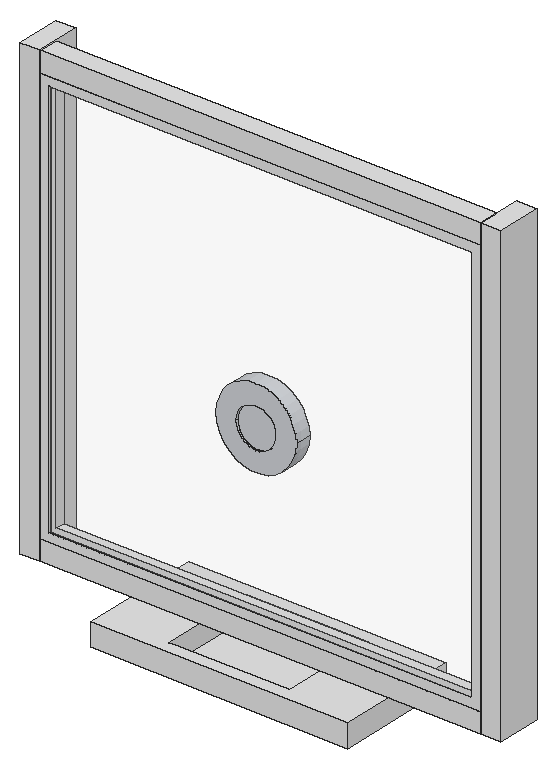
Revit family "Window_Fixed_Flush_Ready-Access_603-WalkUp", category Windows, host Wall, Revit 2026
Family settings
  Host = Wall
  Classification Number = 23.30.20.24.21
  Always vertical = Yes
  Cut with Voids When Loaded = No
  Shared = No
  Room Calculation Point = No
Parameters (values of type "48x48 Level 3 Bullet")
  Water Penetration = "as Specified"
  Warranty Duration (Years) = 0
  VLT [instance] = 0
  URL = "http://www.ready-access.com/"
  U-Factor [instance] = 0
  Test Data = ""
  Standards Conformance = "as Specified"
  SpecWizard = ""
  Service Opening Width = 0' - 0"
  Service Opening Height = 0' - 0"
  RO Spacing_Top [instance] = 0' - 0 1/4"
  RO Spacing_Sides [instance] = 0' - 0 1/4"
  RO Spacing_Bottom [instance] = 0' - 0 1/4"
  Offset from Exterior Wall [instance] = 0' - 0"
  Miami Dade Conformance = "as Specified"
  Meets Egress = "as Specified"
  Installation-Fabrication = ""
  Structural Test Pressure = "as Specified"
  Specification = "http://www.arcat.com/sdspecs/htm04/08_56_19rea.htm"
  Sound Transmission Class (STC) = 0
  Send Message = "http://www.arcat.com/users.pl?action=UserEmail&amp;company=Ready+Access+Pass+Thru+Windows&amp;coid=35105&amp;rep=111&amp;fax=630-876-7767&amp;mf=04"
  Sales Information = "http://www.ready-access.com/aboutus.html"
  SHGC [instance] = 0
  Rough Width [instance] = Width + (RO Spacing_Sides * 2)  # 4' - 0 1/2"
  Rough Height [instance] = Height + (RO Spacing_Top + RO Spacing_Bottom)  # 4' - 0 1/2"
  Product Properties = ""
  Product Data = "http://www.arcat.com/arcatcos/cos35/arc35105.html"
  Model = "603 WALK UP 48"
  Manufacturer Website = "http://www.ready-access.com/"
  Manufacturer Phone - Toll Free = "800-621-5045"
  Manufacturer Phone = "630-876-7766"
  Manufacturer Fax = "630-876-7767"
  Manufacturer Address = "1815 Arthur Dr.   West Chicago, IL 60185"
  Manufacturer = "Ready Access"
  Maintenance Schedule (Months) = 0
  Keynote = "08582"
  Installation Phase = ""
  Inset from Exterior Wall [instance] = 0' - 0"
  Height = 4' - 0"
  Green Building-LEED = ""
  Glazing Type [instance] = "Level 3 Bullet Resistant Lexan"
  Glazing Tint [instance] = Glass - ReadyAccess - Clear
  Glazing Configuration [instance] = "as Specified"
  Frame Thickness = 0' - 4 1/2"  # constant formula
  Frame Finish [instance] = Powdercoat - Ready Access - Clear Anodized
  Forced Entry Rating = "as Specified"
  Shelf Width = 4' - 0"
  Expected Lifespan (Years) = 0
  Drawn By = "Sumex Design, Inc. / Robert S. Weygant, CSI, CDT, SCIP"
  Description = "Ready Access Fixed Secure Transaction Window - 603 Walk Up as Specified"
  Wall Closure = By host
  Width = 4' - 0"
  Copyright = "©Arcat Inc."
  Construction Details = "http://www.arcat.com/details/readyacc/prod1868.html"
  Assembly Code = "B2020100"
  Air Infiltration = "as Specified"
Types (9): name | Rough Width | Rough Height | Model | Height | Glazing Type | Shelf Width | Width
  48x48 Level 3 Bullet | 4' - 0 1/2" | 4' - 0 1/2" | "603 WALK UP 48" | 4' - 0" | "Level 3 Bullet Resistant Lexan" | 4' - 0" | 4' - 0"
  36x36 Level 3 Bullet | 3' - 0 1/2" | 3' - 0 1/2" | "603 WALK UP 36" | 3' - 0" | "Level 3 Bullet Resistant Lexan" | 3' - 0" | 3' - 0"
  25.75x42 Level 3 Bullet | 2' - 2 1/4" | 3' - 6 1/2" | "603 WALK UP 42" | 3' - 6" | "Level 3 Bullet Resistant Lexan" | 2' - 1 3/4" | 2' - 1 3/4"
  48x48 Level 1 Bullet | 4' - 0 1/2" | 4' - 0 1/2" | "603 WALK UP 48" | 4' - 0" | "Level 1 Bullet Resistant Lexan" | 4' - 0" | 4' - 0"
  36x36 Level 1 Bullet | 3' - 0 1/2" | 3' - 0 1/2" | "603 WALK UP 36" | 3' - 0" | "Level 1 Bullet Resistant Lexan" | 3' - 0" | 3' - 0"
  25.75x42 Level 1 Bullet | 2' - 2 1/4" | 3' - 6 1/2" | "603 WALK UP 42" | 3' - 6" | "Level 1 Bullet Resistant Lexan" | 2' - 1 3/4" | 2' - 1 3/4"
  48x48 Impact Resistant | 4' - 0 1/2" | 4' - 0 1/2" | "603 WALK UP 48" | 4' - 0" | "Impact Lexan" | 4' - 0" | 4' - 0"
  36x36 Impact Resistant | 3' - 0 1/2" | 3' - 0 1/2" | "603 WALK UP 36" | 3' - 0" | "Impact Lexan" | 3' - 0" | 3' - 0"
  25.75x42 Impact Resistant | 2' - 2 1/4" | 3' - 6 1/2" | "603 WALK UP 42" | 3' - 6" | "Impact Lexan" | 2' - 1 3/4" | 2' - 1 3/4"
Reference planes (in)
  plane 1 "Center (Front/Back)": y = 0.6426
  plane 2: z = 0
  plane 3 "Center (Left/Right)": x = 0.75
  plane 4 "Left": x = -23.5
  plane 5 "Right": x = 25
  plane 6 "RO BOTTOM": z = 23.875
  plane 7 "Top of Frame": z = 72.125
  plane 8 "Center - Elevation": z = 48
  plane 9 "Frame L": x = 24.75
  plane 10 "Frame R": x = -23.25
  plane 11: z = 24.125
  plane 12 "EXT WALL": y = 3.6426
  plane 13 "RO TOP": z = 72.375
  plane 14 "INT WALL": y = -2.3574
  plane 15: y = 3.6426
  plane 16: y = 3.6426
  plane 17: x = -23.25
  plane 18: x = 24.75
Forms (in)
  Extrusion 1, void
    sketch origin (0, 0.6426, 0) x (1, 0, 0) y (0, 0, 1)
      loop
        line (-23.5, 72.375) -> (-23.5, 26.375) -> (25, 26.375) -> (25, 72.375) -> (-23.5, 72.375)
    from -3 to 3
  Extrusion 2, void
    sketch origin (0, 0.6426, 0) x (1, 0, 0) y (0, 0, 1)
      loop
        line (-23.5, 26.375) -> (-23.5, 23.875) -> (25, 23.875) -> (25, 26.375) -> (-23.5, 26.375)
    from -3 to 3
Text (in)
  text "EXTERIOR" at (-9.91918, 45.39257, 0), in view "Plan View"
  text "INTERIOR" at (-9.91918, -57.25054, 0), in view "Plan View"
  text "Exterior" at (0, 43.65631, 123.19604), in view "Left"
  text "Exterior" at (0, 18.29385, 125.04747), in view "Right"
Dimensions and locks (in)
  equal spacing: plane 4 "Left", plane 3 "Center (Left/Right)", plane 5 "Right"
  "Width": plane 10 "Frame R" to plane 9 "Frame L"
  equal spacing: plane 7 "Top of Frame", plane 8 "Center - Elevation", plane 6 "RO BOTTOM"
  "RO Spacing_Sides": plane 5 "Right" to plane 9 "Frame L"
  "RO Spacing_Sides": plane 4 "Left" to plane 10 "Frame R"
  "RO Spacing_Top": plane 7 "Top of Frame" to plane 13 "RO TOP"
  "RO Spacing_Bottom": plane 6 "RO BOTTOM" to plane 11
  "Height": plane 11 to plane 7 "Top of Frame"
  "Offset from Exterior Wall": plane 12 "EXT WALL" to plane 15
  "Inset from Exterior Wall": plane 15 to plane 16
  equal spacing: plane 17, plane 3 "Center (Left/Right)", plane 18
  "Shelf Width": plane 17 to plane 18
  locked: Extrusion 1 sketch curve to plane 11 at 2.25
  "RO Spacing_Sides": plane 17 to Extrusion 2 sketch curve
  "RO Spacing_Sides": Extrusion 2 sketch curve to plane 18
  locked: Extrusion 2 sketch curve to plane 11 at 2.25
  aligned and locked: level to plane 2
  aligned and locked: plane 1 "Center (Front/Back)" to host wall
  aligned and locked: plane 12 "EXT WALL" to host wall
  aligned and locked: plane 14 "INT WALL" to host wall
  aligned: nested 1 to plane 16
  aligned and locked: nested 1 to plane 11
  aligned and locked: plane 5 "Right" to Extrusion 1 sketch curve
  aligned and locked: Extrusion 1 sketch curve to plane 13 "RO TOP"
  aligned and locked: Extrusion 1 sketch curve to plane 4 "Left"
  aligned and locked: Extrusion 1 to plane 12 "EXT WALL"
  aligned and locked: plane 14 "INT WALL" to Extrusion 1
  aligned and locked: Extrusion 2 sketch curve to plane 6 "RO BOTTOM"
  aligned and locked: Extrusion 2 to plane 12 "EXT WALL"
  aligned and locked: plane 14 "INT WALL" to Extrusion 2
Nested families (in)
  nested 1: "Frame_603WU" at (0.75, 1.6426, 24.125), Width <- "Width", Height <- "Height", glass tint <- "Glazing Tint", frame finish <- "Frame Finish", type "Frame_603WU"
    with glass tint Glass - ReadyAccess - Clear, frame finish Powdercoat - Ready Access - Clear Anodized, Width 4' - 0", Shelf Width 2' - 1 3/4", Height 4' - 0"
Definition of nested family "Frame_603WU"
  Parameters
    glass tint [instance] = none
    frame finish [instance] = none
    Width [instance] = 3' - 0"
    Height [instance] = 3' - 0"
    Shelf Width [instance] = 2' - 1 3/4"
    Default Elevation = 4' - 0"
  Reference planes (in)
    plane 1 "Center (Front/Back)": y = 0
    plane 2: z = 0
    plane 3 "Center (Left/Right)": x = 0
    plane 4: x = -18
    plane 5: x = 18
    plane 6: z = 36
    plane 7: x = -12.875
    plane 8: x = 12.875
    plane 9: z = 33.625
    plane 10: x = -16
    plane 11: x = 16
    plane 12: z = 22.125
  Forms (in)
    Extrusion 1, solid, material <- "frame finish"
      sketch origin (0, 0, 0) x (1, 0, 0) y (0, 1, 0)
        loop
          line (-18, -1) -> (-16, -1) -> (-16, 3.5) -> (-18, 3.5) -> (-18, -1)
        loop
          line (18, -1) -> (18, 3.5) -> (16, 3.5) -> (16, -1) -> (18, -1)
      from 2.25 to 36
    Extrusion 2, solid, material <- "frame finish"
      sketch origin (0, 0, 0) x (1, 0, 0) y (0, 1, 0)
        loop
          line (-12.875, -6.125) -> (-6, -6.125) -> (-6, 6.125) -> (-12.875, 6.125) -> (-12.875, -6.125)
        loop
          line (12.875, -6.125) -> (12.875, 6.125) -> (6, 6.125) -> (6, -6.125) -> (12.875, -6.125)
      from 0 to 2.25
    Extrusion 3, solid, material <- "frame finish"
      sketch origin (0, 0, 0) x (0, 1, 0) y (0, 0, 1)
        loop
          line (-6.125, 2.25) -> (-6.125, 0) -> (6.125, 0) -> (6.125, 2.25) -> (4.875, 2.25)
          arc (4.875, 2.25) -> (4.28921, 0.83579) -> (2.875, 0.25) r 2
          line (2.875, 0.25) -> (-2.875, 0.25)
          arc (-2.875, 0.25) -> (-4.28921, 0.83579) -> (-4.875, 2.25) r 2
          line (-4.875, 2.25) -> (-6.125, 2.25)
      from -6 to 6
    Extrusion 4, solid, material <- "frame finish"
      sketch origin (0, 0, 0) x (1, 0, 0) y (0, 0, 1)
        loop
          line (-16, 2.25) -> (16, 2.25) -> (16, 4.25) -> (-16, 4.25) -> (-16, 2.25)
        loop
          line (-16, 34) -> (16, 34) -> (16, 36) -> (-16, 36) -> (-16, 34)
      from -1 to 1
    Sweep 5, solid, material <- "frame finish"
      path origin (0, 0, 0) x (1, 0, 0) y (0, 0, 1)
        loop
          line (-16, 34) -> (-16, 4.25) -> (16, 4.25) -> (16, 34) -> (-16, 34)
      profile origin (-16, 0, 19.125) x (0, -1, 0) y (1, 0, 0)
        loop
          line (-0.875, 0.875) -> (-0.875, 0) -> (1, 0) -> (1, 0.875) -> (0.875, 0.875) -> (0.875, 0.375) -> (0.125, 0.375) -> (0.125, 0.875) -> (-0.875, 0.875)
    Extrusion 6, solid, material <- "glass tint"
      sketch origin (0, 0, 0) x (1, 0, 0) y (0, 1, 0)
        loop
          line (-15.625, -0.125) -> (-15.625, -0.875) -> (15.625, -0.875) -> (15.625, -0.125) -> (-15.625, -0.125)
      from 4.625 to 33.625
    Extrusion 7, solid
      sketch origin (0, 0, 0) x (1, 0, 0) y (0, 0, 1)
        loop
          circle (0, 22.125) r 2
      from -0.25 to 1.33094
    Extrusion 8, solid
      sketch origin (0, 0, 0) x (1, 0, 0) y (0, 0, 1)
        loop
          circle (0, 22.125) r 2
        loop
          circle (0, 22.125) r 4
      from -0.125 to 1.5
  Cuts and joins
    joined: Extrusion 2, Extrusion 3
  Dimensions and locks (in)
    equal spacing: plane 4, plane 3 "Center (Left/Right)", plane 5
    "Width": plane 4 to plane 5
    "Height": plane 6 to level
    plane 6 to plane 9 = 0' - 2 3/8"
    locked: plane 4 to plane 10 at 2
    locked: plane 11 to plane 5 at 2
    equal spacing: plane 7, plane 3 "Center (Left/Right)", plane 8
    "Shelf Width": plane 7 to plane 8
    locked: plane 7 to Extrusion 2 sketch curve at 6.875
    locked: Extrusion 2 sketch curve to plane 8 at 6.875
    locked: plane 6 to Extrusion 4 sketch curve at 2
    locked: plane 6 to Sweep 5 sketch curve at 2
    locked: Extrusion 6 sketch curve to plane 11 at 0.375
    locked: plane 10 to Extrusion 6 sketch curve at 0.375
    locked: plane 12 to level at 22.125
    locked: Extrusion 7 sketch curve to plane 12 at 0
    locked: Extrusion 8 sketch curve to plane 12 at 0  (x2)
    aligned and locked: plane 2 to level
    aligned and locked: plane 4 to Extrusion 1 sketch curve
    aligned and locked: plane 5 to Extrusion 1 sketch curve
    aligned and locked: plane 6 to Extrusion 1
    aligned and locked: Extrusion 1 sketch curve to plane 10
    aligned and locked: Extrusion 1 sketch curve to plane 11
    aligned and locked: Extrusion 2 sketch curve to plane 8
    aligned and locked: plane 7 to Extrusion 2 sketch curve
    aligned and locked: Extrusion 4 sketch curve to plane 6
    aligned and locked: Extrusion 4 sketch curve to plane 10  (x2)
    aligned and locked: plane 11 to Extrusion 4 sketch curve  (x2)
    aligned and locked: plane 10 to Sweep 5 sketch curve
    aligned and locked: Sweep 5 sketch curve to plane 11
    aligned and locked: Extrusion 6 to plane 9
  Automatic sketch dimensions
    plane 1 "Center (Front/Back)" to Extrusion 1 sketch curve = 0' - 1"  (x2)
    Extrusion 1 sketch curve to plane 1 "Center (Front/Back)" = 0' - 3 1/2"  (x2)
    plane 1 "Center (Front/Back)" to Extrusion 2 sketch curve = 0' - 6 1/8"  (x2)
    Extrusion 2 sketch curve to plane 1 "Center (Front/Back)" = 0' - 6 1/8"  (x2)
    Extrusion 3 sketch curve to level = 0' - 0"
    level to Extrusion 3 sketch curve = 0' - 2 1/4"
    plane 1 "Center (Front/Back)" to Extrusion 3 sketch curve = 0' - 6 1/8"
    Extrusion 3 sketch curve to Extrusion 3 sketch curve = 0' - 1 1/4"  (x2)
    Extrusion 3 sketch curve to Extrusion 3 sketch curve = 0' - 2"  (x2)
    Extrusion 3 sketch curve to plane 1 "Center (Front/Back)" = 0' - 2 7/8"
    level to Extrusion 4 sketch curve = 0' - 4 1/4"
    Extrusion 4 sketch curve to Extrusion 4 sketch curve = 0' - 2"
    level to Sweep 5 sketch curve = 0' - 4 1/4"
    Sweep 5 sketch curve to profile plane = 0' - 0"
    Sweep 5 sketch curve to plane 1 "Center (Front/Back)" = 0' - 0 7/8"
    plane 1 "Center (Front/Back)" to Sweep 5 sketch curve = 0' - 0 1/8"
    Sweep 5 sketch curve to Sweep 5 sketch curve = 0' - 0 3/4"
    Sweep 5 sketch curve to Sweep 5 sketch curve = 0' - 0 1/8"
    Sweep 5 sketch curve to profile plane = 0' - 0 3/8"
    Sweep 5 sketch curve to Sweep 5 sketch curve = 0' - 0 1/2"
    Sweep 5 sketch curve to profile plane = 0' - 0 7/8"
    plane 1 "Center (Front/Back)" to Extrusion 6 sketch curve = 0' - 0 7/8"
    plane 1 "Center (Front/Back)" to Extrusion 6 sketch curve = 0' - 0 1/8"
    Extrusion 7 sketch curve to plane 3 "Center (Left/Right)" = 0' - 0"
    Extrusion 8 sketch curve to Extrusion 8 sketch curve = 0' - 0"
    Extrusion 8 sketch curve to plane 3 "Center (Left/Right)" = 0' - 0"
    radius of Extrusion 7 sketch curve = 0' - 2"
    radius of Extrusion 8 sketch curve = 0' - 2"
    radius of Extrusion 8 sketch curve = 0' - 4"
